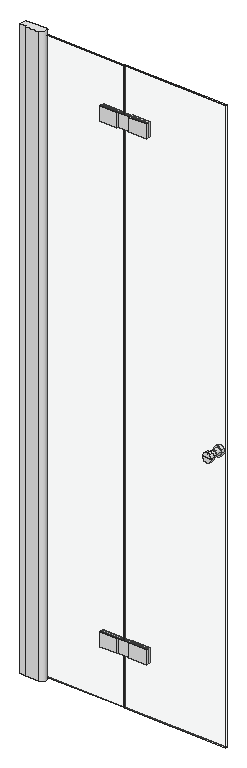
Revit family "CONV_Geberit_ShwrEnclsrs_IfoSpaceBifoldedSPNKB", category Furniture, Revit 2016
Family settings
  OmniClass Number = 23.45.05.00
  OmniClass Title = Sanitary Equipment
  Work Plane-Based = No
  Always vertical = Yes
  Cut with Voids When Loaded = No
  Shared = No
  Room Calculation Point = No
Parameters (values of type "Ifo Space Bifolded SPNKB - 700mm left")
  Weight = "24.1 kg"
  WarrantyStartDate [instance] = "n/a"
  WarrantyGuarantorParts = "n/a"
  WarrantyGuarantorLabor = "n/a"
  WarrantyDurationUnit = "Year"
  WarrantyDurationParts = "n/a"
  WarrantyDurationLabor = "n/a"
  WarrantyDescription = "n/a"
  VersionDate = "13/04/2018"  # constant formula
  Version = "1"  # constant formula
  Uniclass2015Reference = "Pr_40_20_06_79"
  Uniclass2015Description = "Shower enclosures"
  Uniclass2 = "Pr_40_30_06_79"
  URL = "https://www.ifo.se/"
  Type Comments = ""
  TagNumber [instance] = "n/a"
  SustainabilityPerformance = "n/a"
  ShowerEnclosureSecondaryMaterial = Aluminium
  ShowerEnclosureMainMaterial = Clear Glass
  Style = "n/a"
  Size = "685x34x2000mm"
  Shape = "Sculptured"
  SerialNumber [instance] = "n/a"
  Revision = "n/a"
  ReplacementCost = "n/a"
  ProductURL_SE = "http://www.ifo.se/produkter/duschar/"
  ProductURL_NO = "http://www.porsgrundbad.no/produkter/dusjlsninger/"
  ProductURL_DK = "http://www.ifo.dk/produkter/bruselsninger/"
  ProductInformation = "n/a"
  Orientation = IDOShowerama1011-left : IDOShowerama1011-left
  NominalLength = 700 mm
  NominalHeight = 2000 mm
  NominalDepth = 56 mm
  Name = "ShwrEnclsrs_IfoSpaceBifoldedSPNKB"
  NBSReference = "45-35-70/332"
  NBSDescription = "Shower enclosures"
  ModelReference = "n/a"
  ModelNumber = "59702197"
  Material = "Glass, metal"
  ManufacturerURL = "https://www.ifo.se/"
  ManufacturerName = "Ifo (Geberit Group)"
  MainColor = "Transparent"
  InstallationDate [instance] = "n/a"
  ExpiringDate = "12/2018"  # constant formula
  EANNumber = "7391515444308"
  Description = ""
  Collection = "Ifo Space"
  Model = "Ifo Space Bifolded SPNKB - 700mm left"
  Manufacturer = "Ifo (Geberit Group)"
  IfcExportType = "NOTDEFINED"  # constant formula
  IfcExportAs = "IfcFurnitureType"  # constant formula
  Grade = "n/a"
  Finish = "Matt aluminium. Clear glass."
  Features = "n/a"
  ExpectedLife = "n/a"
  DurationUnit = "Year"
  Cost = 0
  ConvergoRefNr = "0132-1802-0031-SE"
  Constituents = "n/a"
  Color = "Transparent"
  CodePerformance = "n/a"
  Category = "Shower enclosures"
  Brand = "Ifo"
  Barcode [instance] = "n/a"
  BIMObjectName = "CONV_Geberit_ShwrEnclsrs_IfoSpaceBifoldedSPNKB"
  Author = "Convergo AB"  # constant formula
  AssetType = "Fixed"
  AssetIdentifier [instance] = "n/a"
  AccessibilityPerformance = "n/a"
Types (7, lengths in mm): name | Weight | Size | Orientation | NominalLength | ModelNumber | EANNumber | Model | ConvergoRefNr
  (no name) | "24.1 kg" | "685x34x2000mm" | IDOShowerama1011-left : IDOShowerama1011-left | 700 | "59702197" | "7391515444308" | "Ifo Space Bifolded SPNKB - 700mm left" | "0132-1802-0031-SE"
  Ifo Space Bifolded SPNKB - 700mm left | "24.1 kg" | "685x34x2000mm" | IDOShowerama1011-left : IDOShowerama1011-left | 700 | "59702197" | "7391515444308" | "Ifo Space Bifolded SPNKB - 700mm left" | "0132-1802-0031-SE"
  Ifo Space Bifolded SPNKB - 800mm left | "27 kg" | "780x34x2000mm" | IDOShowerama1011-left : IDOShowerama1011-left | 800 | "59802197" | "7391515444414" | "Ifo Space Bifolded SPNKB - 800mm left" | "0132-1802-0033-SE"
  Ifo Space Bifolded SPNKB - 900mm left | "29.9 kg" | "885x34x2000mm" | IDOShowerama1011-left : IDOShowerama1011-left | 900 | "59902197" | "7391515444438" | "Ifo Space Bifolded SPNKB - 900mm left" | "0132-1802-0035-SE"
  Ifo Space Bifolded SPNKB - 700mm right | "24.1 kg" | "685x34x2000mm" | IDOShowerama1011-right : IDOShowerama1011-right | 700 | "59701197" | "7391515444407" | "Ifo Space Bifolded SPNKB - 700mm right" | "0132-1802-0032-SE"
  Ifo Space Bifolded SPNKB - 800mm right | "27 kg" | "780x34x2000mm" | IDOShowerama1011-right : IDOShowerama1011-right | 800 | "59801197" | "7391515444421" | "Ifo Space Bifolded SPNKB - 800mm right" | "0132-1802-0034-SE"
  Ifo Space Bifolded SPNKB - 900mm right | "29.9 kg" | "885x34x2000mm" | IDOShowerama1011-right : IDOShowerama1011-right | 900 | "59901197" | "7391515444445" | "Ifo Space Bifolded SPNKB - 900mm right" | "0132-1802-0036-SE"
Reference planes
  plane 1 "Center (Front/Back)": y = 0
  plane 2: z = 0
  plane 3 "Center (Left/Right)": x = 0
  plane 4: z = 2000
  plane 5: x = -350
  plane 6: x = 350
  plane 7: y = 28
  plane 8: y = -28
Dimensions and locks
  equal spacing: plane 5, plane 3 "Center (Left/Right)", plane 6
  "NominalLength": plane 5 to plane 6
  "NominalHeight": plane 4 to level
  equal spacing: plane 7, plane 1 "Center (Front/Back)", plane 8
  "NominalDepth": plane 7 to plane 8
  aligned and locked: level to plane 2
Nested families
  nested 1: "IDOShowerama1011-left" at (0, 0, 0), type <- "Orientation", ShowerEnclosureMainMaterial <- "ShowerEnclosureMainMaterial", ShowerEnclosureSecondaryMaterial <- "ShowerEnclosureSecondaryMaterial", Length <- "NominalLength", type "IDOShowerama1011-left"
    with ShowerEnclosureSecondaryMaterial Aluminium, ShowerEnclosureMainMaterial Clear Glass, Length 700 mm
Definition of nested family "IDOShowerama1011-left"
  Parameters (values of type "IDOShowerama1011-left")
    URL = ""
    Type Comments = ""
    ShowerEnclosureSecondaryMaterial [instance] = none
    ShowerEnclosureMainMaterial [instance] = none
    Length [instance] = 900 mm
    Description = ""
    Model = ""
    Manufacturer = ""
    Cost = 0
  Reference planes
    plane 1 "Center (Front/Back)": y = 0
    plane 2: z = 0
    plane 3 "Center (Left/Right)": x = 0
    plane 4: z = 2000
    plane 5: x = -450
    plane 6: x = 450
    plane 7: y = 28
    plane 8: y = -28
  Forms (mm)
    Extrusion 1, solid, material <- "ShowerEnclosureSecondaryMaterial", detail levels medium+fine
      sketch origin (38, -1, 0) x (1, 0, 0) y (0, 1, 0)
        loop
          line (-488, -12) -> (-468, -12) -> (-468, -12.934) -> (-422.879, -12.934)
          arc (-422.879, -12.934) -> (-408.945, 1) -> (-422.879, 14.934) r 13.934
          line (-422.879, 14.934) -> (-468, 14.934) -> (-468, 14) -> (-488, 14) -> (-488, -12)
      from 2000 to 0
    Extrusion 2, solid, material <- "ShowerEnclosureMainMaterial", detail levels medium+fine
      sketch origin (0, 0, 0) x (1, 0, 0) y (0, 1, 0)
        loop
          line (-377.208, 3) -> (-377.208, -3) -> (450, -3) -> (450, 3) -> (-377.208, 3)
      from 1990 to 10
    Revolve 3, solid, material <- "ShowerEnclosureSecondaryMaterial", detail levels medium+fine
      sketch origin (-33, 0, 900) x (1, 0, 0) y (0, 1, 0)
        loop
          line (438, 28) -> (423, 28) -> (423, 18) -> (428, 18) -> (428, 3) -> (438, 3) -> (438, 28)
        loop
          line (438, -28) -> (438, -3) -> (428, -3) -> (428, -18) -> (423, -18) -> (423, -28) -> (438, -28)
        axis (438, 28) -> (438, -28)
      angle from 0 to 360
    Extrusion 4, solid, material <- "ShowerEnclosureSecondaryMaterial", detail levels medium+fine
      sketch origin (-37, 0, 0) x (1, 0, 0) y (0, 1, 0)
        loop
          line (-43, 8) -> (-43, 3) -> (117, 3) -> (117, 8) -> (57, 8) -> (57, 6) -> (17, 6) -> (17, 8) -> (-43, 8)
        loop
          line (-43, -8) -> (17, -8) -> (17, -6) -> (57, -6) -> (57, -8) -> (117, -8) -> (117, -3) -> (-43, -3) -> (-43, -8)
      from 220 to 175
    Extrusion 5, solid, material <- "ShowerEnclosureSecondaryMaterial", detail levels medium+fine
      sketch origin (-37, 0, 1620) x (1, 0, 0) y (0, 1, 0)
        loop
          line (-43, 8) -> (-43, 3) -> (117, 3) -> (117, 8) -> (57, 8) -> (57, 6) -> (17, 6) -> (17, 8) -> (-43, 8)
        loop
          line (-43, -8) -> (17, -8) -> (17, -6) -> (57, -6) -> (57, -8) -> (117, -8) -> (117, -3) -> (-43, -3) -> (-43, -8)
      from 220 to 175
    Extrusion 6, void, detail levels medium+fine
      sketch origin (0, 0, 0) x (1, 0, 0) y (0, 1, 0)
        loop
          line (-2, 3) -> (-2, -3) -> (2, -3) -> (2, 3) -> (-2, 3)
      from 2301.289 to -595
    Extrusion 7, solid, material <- "ShowerEnclosureMainMaterial", detail levels coarse
      sketch origin (0, 0, 0) x (1, 0, 0) y (0, 1, 0)
        loop
          line (-450, -28) -> (450, -28) -> (450, 28) -> (-450, 28) -> (-450, -28)
      from 2000 to 0
  Cuts and joins
    Extrusion 6 cuts Extrusion 2
  Lines and regions (mm)
    symbolic lines, detail levels medium+fine
      curve 1: line (-450, 13, 0) -> (-450, -13, 0)
      curve 2: line (-430, 13, 0) -> (-450, 13, 0)
      curve 3: line (-450, -13, 0) -> (-430, -13, 0)
      curve 4: line (-430, -13, 0) -> (-430, -13.934, 0)
      curve 5: line (-430, 13.934, 0) -> (-430, 13, 0)
      curve 6: line (-384.879, 13.934, 0) -> (-430, 13.934, 0)
      curve 7: arc (-384.879, -13.934, 0) -> (-376.151, -10.862, 0) -> (-371.272, -3, 0) r 13.934
      curve 8: line (-430, -13.934, 0) -> (-384.879, -13.934, 0)
      curve 9: line (450, 3, 0) -> (415, 3, 0)
      curve 10: line (450, -3, 0) -> (450, 3, 0)
      curve 11: line (-80, 8, 0) -> (-80, 3, 0)
      curve 12: line (-20, 8, 0) -> (-80, 8, 0)
      curve 13: line (-20, 6, 0) -> (-20, 8, 0)
      curve 14: line (20, 6, 0) -> (-20, 6, 0)
      curve 15: line (20, 8, 0) -> (20, 6, 0)
      curve 18: line (80, 8, 0) -> (20, 8, 0)
      curve 19: line (80, 3, 0) -> (80, 8, 0)
      curve 20: line (80, -8, 0) -> (80, -3, 0)
      curve 21: line (20, -8, 0) -> (80, -8, 0)
      curve 22: line (20, -6, 0) -> (20, -8, 0)
      curve 23: line (-20, -6, 0) -> (20, -6, 0)
      curve 24: line (-20, -8, 0) -> (-20, -6, 0)
      curve 25: line (-80, -8, 0) -> (-20, -8, 0)
      curve 26: line (-80, -3, 0) -> (-80, -8, 0)
      curve 27: line (390, -17.999, 0) -> (395, -17.999, 0)
      curve 28: line (390, 17.999, 0) -> (395, 17.999, 0)
      curve 29: line (390, 28, 0) -> (420, 28, 0)
      curve 30: line (390, -28, 0) -> (420, -28, 0)
      curve 31: line (390, -17.999, 0) -> (390, -28, 0)
      curve 32: line (420, -17.999, 0) -> (420, -28, 0)
      curve 33: line (395, -3, 0) -> (395, -17.999, 0)
      curve 34: line (415, -3, 0) -> (415, -17.999, 0)
      curve 35: line (390, 17.999, 0) -> (390, 28, 0)
      curve 36: line (420, 17.999, 0) -> (420, 28, 0)
      curve 37: line (395, 3, 0) -> (395, 17.999, 0)
      curve 38: line (415, 3, 0) -> (415, 17.999, 0)
      curve 39: line (-370.945, 0, 2000) -> (-450, 0, 2000)
      curve 40: line (-450, 0, 2000) -> (-450, 0, 0)
      curve 42: line (-450, 0, 0) -> (-370.945, 0, 0)
      curve 43: line (-370.945, 0, 10) -> (450, 0, 10)
      curve 44: line (450, 0, 10) -> (450, 0, 1990)
      curve 59: line (450, 0, 1990) -> (-370.945, 0, 1990)
      curve 60: line (-370.945, 0, 2000) -> (-370.945, 0, 1990)
      curve 64: line (-370.945, 0, 10) -> (-370.945, 0, 0)
      curve 65: line (0, 13.934, 0) -> (0, 13.934, 890)
      curve 68: line (0, -13.934, 2000) -> (0, -13.934, 910)
      curve 69: line (0, 28, 900) -> (0, 28, 885)
      curve 71: line (0, 28, 915) -> (0, 28, 900)
      curve 72: line (0, 18, 915) -> (0, 18, 910)
      curve 73: line (0, 28, 915) -> (0, 18, 915)
      curve 74: line (0, 28, 885) -> (0, 18, 885)
      curve 75: line (0, 13.934, 890) -> (0, 18, 890)
      curve 76: line (0, 13.934, 910) -> (0, 18, 910)
      curve 77: line (0, 13.934, 0) -> (0, -13.934, 0)
      curve 78: line (0, 13.934, 2000) -> (0, -13.934, 2000)
      curve 79: line (0, -28, 900) -> (0, -28, 885)
      curve 81: line (0, -28, 915) -> (0, -28, 900)
      curve 82: line (0, -18, 915) -> (0, -18, 910)
      curve 83: line (0, -28, 915) -> (0, -18, 915)
      curve 84: line (0, -28, 885) -> (0, -18, 885)
      curve 85: line (0, -13.934, 890) -> (0, -18, 890)
      curve 86: line (0, -13.934, 910) -> (0, -18, 910)
      curve 88: line (0, 18, 890) -> (0, 18, 885)
      curve 90: line (0, 13.934, 910) -> (0, 13.934, 2000)
      curve 92: line (0, -13.934, 890) -> (0, -13.934, 0)
      curve 93: line (0, -18, 890) -> (0, -18, 885)
      curve 95: line (-371.272, -3, 0) -> (-80, -3, 0)
      curve 97: arc (-371.272, 3, 0) -> (-376.151, 10.862, 0) -> (-384.879, 13.934, 0) r 13.934
      curve 98: line (-80, 3, 0) -> (-371.272, 3, 0)
      curve 100: line (80, -3, 0) -> (395, -3, 0)
      curve 102: line (395, 3, 0) -> (80, 3, 0)
      curve 104: line (415, -3, 0) -> (450, -3, 0)
      curve 107: line (415, -17.999, 0) -> (420, -17.999, 0)
      curve 108: line (415, 17.999, 0) -> (420, 17.999, 0)
    symbolic lines, detail levels fine
      curve 16: line (-2, 3, 0) -> (-2, -3, 0)
      curve 17: line (2, -3, 0) -> (2, 3, 0)
      curve 41: line (-430, 0, 2000) -> (-430, 0, 0)
      curve 45: line (-2, 0, 1990) -> (-2, 0, 1840)
      curve 46: line (2, 0, 10) -> (2, 0, 175)
      curve 47: line (-80, 0, 220) -> (-80, 0, 175)
      curve 48: line (-80, 0, 175) -> (80, 0, 175)
      curve 49: line (-20, 0, 175) -> (-20, 0, 220)
      curve 50: line (20, 0, 220) -> (20, 0, 175)
      curve 51: line (80, 0, 220) -> (-80, 0, 220)
      curve 52: line (80, 0, 175) -> (80, 0, 220)
      curve 53: line (-80, 0, 1840) -> (-80, 0, 1795)
      curve 54: line (-80, 0, 1795) -> (80, 0, 1795)
      curve 55: line (-20, 0, 1795) -> (-20, 0, 1840)
      curve 56: line (20, 0, 1840) -> (20, 0, 1795)
      curve 57: line (80, 0, 1840) -> (-80, 0, 1840)
      curve 58: line (80, 0, 1795) -> (80, 0, 1840)
      curve 61: arc (420, 0, 900) -> (405, 0, 915) -> (390, 0, 900) r 15
      curve 62: arc (390, 0, 900) -> (405, 0, 885) -> (420, 0, 900) r 15
      curve 63: line (-370.945, 0, 1990) -> (-370.945, 0, 10)
      curve 66: line (0, 13, 0) -> (0, 13, 2000)
      curve 67: line (0, -13, 2000) -> (0, -13, 0)
      curve 70: line (0, 18, 900) -> (0, 18, 890)
      curve 80: line (0, -18, 900) -> (0, -18, 890)
      curve 87: line (0, 18, 910) -> (0, 18, 900)
      curve 89: line (0, 13.934, 890) -> (0, 13.934, 910)
      curve 91: line (0, -13.934, 910) -> (0, -13.934, 890)
      curve 94: line (0, -18, 910) -> (0, -18, 900)
      curve 96: arc (-371.272, -3, 0) -> (-370.945, 0, 0) -> (-371.272, 3, 0) r 13.934
      curve 99: line (80, 3, 0) -> (-80, 3, 0)
      curve 101: line (-80, -3, 0) -> (80, -3, 0)
      curve 103: line (415, 3, 0) -> (395, 3, 0)
      curve 105: line (395, -3, 0) -> (415, -3, 0)
      curve 106: line (395, -17.999, 0) -> (415, -17.999, 0)
      curve 109: line (395, 17.999, 0) -> (415, 17.999, 0)
      curve 110: line (-2, 0, 1795) -> (-2, 0, 220)
      curve 111: line (2, 0, 1840) -> (2, 0, 1990)
      curve 112: line (-2, 0, 175) -> (-2, 0, 10)
      curve 113: line (2, 0, 220) -> (2, 0, 1795)
  Dimensions and locks
    equal spacing: plane 5, plane 3 "Center (Left/Right)", plane 6
    "Length": plane 5 to plane 6
    plane 4 to level = 2000 mm
    equal spacing: plane 7, plane 1 "Center (Front/Back)", plane 8
    plane 7 to plane 8 = 56 mm
    aligned and locked: level to plane 2
    aligned and locked: plane 5 to Extrusion 7 sketch curve
    aligned and locked: Extrusion 7 sketch curve to plane 6
    aligned and locked: plane 4 to Extrusion 7
  Automatic sketch dimensions
    Extrusion 1 sketch curve to plane 1 "Center (Front/Back)" = 13 mm
    plane 5 to Extrusion 1 sketch curve = 0 mm
    Extrusion 1 sketch curve to plane 5 = 20 mm  (x2)
    Extrusion 1 sketch curve to plane 1 "Center (Front/Back)" = 13.934 mm
    Extrusion 1 sketch curve to plane 5 = 65.121 mm
    Extrusion 1 sketch curve to plane 1 "Center (Front/Back)" = 0 mm
    plane 1 "Center (Front/Back)" to Extrusion 1 sketch curve = 13 mm
    Extrusion 2 sketch curve to plane 5 = 72.792 mm
    plane 6 to Revolve 3 sketch curve = 60 mm  (x2)
    Revolve 3 sketch curve to Revolve 3 sketch curve = 5 mm
    Revolve 3 sketch curve to plane 1 "Center (Front/Back)" = 3 mm
    Revolve 3 sketch curve to Revolve 3 sketch curve = 0 mm  (x4)
    Revolve 3 sketch curve to Revolve 3 sketch curve = 10 mm
    plane 6 to Revolve 3 sketch curve = 45 mm
    plane 1 "Center (Front/Back)" to Revolve 3 sketch curve = 3 mm
    Revolve 3 sketch curve to Revolve 3 sketch curve = 15 mm  (x2)
    Revolve 3 sketch curve to Revolve 3 sketch curve = 10.001 mm  (x2)
    Extrusion 4 sketch curve to plane 1 "Center (Front/Back)" = 8 mm
    Extrusion 4 sketch curve to plane 3 "Center (Left/Right)" = 80 mm
    Extrusion 4 sketch curve to Extrusion 4 sketch curve = 0 mm  (x4)
    plane 1 "Center (Front/Back)" to Extrusion 4 sketch curve = 8 mm  (x2)
    Extrusion 4 sketch curve to plane 3 "Center (Left/Right)" = 20 mm
    Extrusion 4 sketch curve to plane 1 "Center (Front/Back)" = 6 mm
    Extrusion 4 sketch curve to Extrusion 4 sketch curve = 40 mm
    plane 1 "Center (Front/Back)" to Extrusion 4 sketch curve = 6 mm
    Extrusion 4 sketch curve to Extrusion 4 sketch curve = 60 mm
    plane 1 "Center (Front/Back)" to Extrusion 4 sketch curve = 3 mm
    Extrusion 4 sketch curve to plane 1 "Center (Front/Back)" = 3 mm
    Extrusion 4 sketch curve to Extrusion 4 sketch curve = 2 mm
    Extrusion 5 sketch curve to plane 1 "Center (Front/Back)" = 8 mm
    Extrusion 5 sketch curve to plane 3 "Center (Left/Right)" = 80 mm
    Extrusion 5 sketch curve to Extrusion 5 sketch curve = 0 mm  (x4)
    plane 1 "Center (Front/Back)" to Extrusion 5 sketch curve = 8 mm  (x2)
    Extrusion 5 sketch curve to plane 3 "Center (Left/Right)" = 20 mm
    Extrusion 5 sketch curve to plane 1 "Center (Front/Back)" = 6 mm
    Extrusion 5 sketch curve to Extrusion 5 sketch curve = 40 mm
    plane 1 "Center (Front/Back)" to Extrusion 5 sketch curve = 6 mm
    Extrusion 5 sketch curve to Extrusion 5 sketch curve = 60 mm
    plane 1 "Center (Front/Back)" to Extrusion 5 sketch curve = 3 mm
    Extrusion 5 sketch curve to plane 1 "Center (Front/Back)" = 3 mm
    Extrusion 5 sketch curve to Extrusion 5 sketch curve = 2 mm
    plane 1 "Center (Front/Back)" to Extrusion 2 sketch curve = 3 mm
    Extrusion 2 sketch curve to plane 6 = 0 mm
    Extrusion 2 sketch curve to plane 1 "Center (Front/Back)" = 3 mm
    Extrusion 6 sketch curve to plane 3 "Center (Left/Right)" = 2 mm
    Extrusion 6 sketch curve to Extrusion 6 sketch curve = 4 mm
    plane 1 "Center (Front/Back)" to Extrusion 6 sketch curve = 3 mm
    Extrusion 6 sketch curve to Extrusion 6 sketch curve = 6 mm
    curve 1 to plane 5 = 0 mm
    curve 10 to plane 6 = 0 mm
    curve 1 to curve 2 = 20 mm
    curve 1 to curve 3 = 20 mm
    curve 5 to curve 6 = 45.121 mm
    plane 1 "Center (Front/Back)" to curve 26 = 8 mm
    curve 26 to plane 3 "Center (Left/Right)" = 80 mm
    curve 12 to curve 26 = 0 mm
    curve 12 to plane 1 "Center (Front/Back)" = 8 mm
    curve 12 to plane 3 "Center (Left/Right)" = 20 mm
    curve 25 to curve 13 = 0 mm
    curve 15 to plane 1 "Center (Front/Back)" = 8 mm
    plane 3 "Center (Left/Right)" to curve 15 = 20 mm
    plane 1 "Center (Front/Back)" to curve 23 = 6 mm
    curve 23 to curve 14 = 0 mm
    plane 1 "Center (Front/Back)" to curve 20 = 8 mm
    curve 21 to curve 20 = 60 mm
    curve 19 to curve 20 = 0 mm
    plane 6 to curve 31 = 60 mm
    curve 35 to curve 27 = 0 mm
    curve 30 to curve 32 = 30 mm
    curve 29 to curve 29 = 30 mm
    curve 30 to curve 107 = 10.001 mm
    plane 1 "Center (Front/Back)" to curve 3 = 13 mm
    curve 10 to plane 1 "Center (Front/Back)" = 3 mm
    curve 14 to curve 15 = 2 mm
    curve 2 to plane 1 "Center (Front/Back)" = 13 mm
    curve 28 to curve 35 = 10.001 mm
    curve 16 to plane 3 "Center (Left/Right)" = 2 mm
    plane 3 "Center (Left/Right)" to curve 17 = 2 mm
    curve 27 to curve 33 = 5 mm
    curve 37 to curve 33 = 0 mm
    curve 38 to curve 36 = 5 mm
    curve 34 to curve 38 = 0 mm
    curve 68 to plane 4 = 0 mm
    curve 92 to level = 0 mm
    plane 1 "Center (Front/Back)" to curve 68 = 13.934 mm
    curve 77 to plane 1 "Center (Front/Back)" = 13.934 mm
    curve 75 to curve 74 = 4.065 mm
    level to curve 84 = 885 mm
    curve 93 to curve 74 = 0 mm
    curve 69 to curve 69 = 15 mm
    curve 70 to curve 69 = 0 mm
    curve 79 to curve 81 = 15 mm  (x2)
    curve 79 to curve 80 = 0 mm
    curve 69 to curve 71 = 15 mm
    curve 92 to curve 67 = 0.934 mm
    curve 66 to curve 65 = 0.934 mm
    curve 88 to curve 75 = 5 mm
    curve 93 to curve 85 = 5 mm
    curve 86 to curve 82 = 5 mm
    curve 76 to curve 72 = 5 mm
    curve 7 to curve 96 = 0 mm
    curve 7 to curve 97 = 0 mm  (x2)
    curve 96 to curve 97 = 0 mm
    plane 1 "Center (Front/Back)" to curve 95 = 3 mm
    curve 7 to curve 95 = 13.607 mm
    curve 7 to curve 98 = 0 mm
    curve 9 to curve 36 = 14.999 mm
    curve 70 to curve 71 = 10.001 mm
    Extrusion 7 sketch curve to plane 1 "Center (Front/Back)" = 28 mm
    curve 27 to curve 33 = 14.999 mm
    curve 80 to curve 68 = 4.066 mm
    curve 84 to curve 84 = 10.001 mm
    plane 1 "Center (Front/Back)" to Extrusion 7 sketch curve = 28 mm
    curve 39 to plane 4 = 0 mm
    plane 5 to curve 39 = 0 mm
    curve 41 to level = 0 mm
    plane 6 to curve 44 = 0 mm
    curve 39 to plane 5 = 79.055 mm
    curve 47 to plane 3 "Center (Left/Right)" = 80 mm
    curve 57 to plane 3 "Center (Left/Right)" = 80 mm
    plane 3 "Center (Left/Right)" to curve 58 = 80 mm
    plane 3 "Center (Left/Right)" to curve 51 = 80 mm
    plane 6 to curve 62 = 45 mm
    curve 42 to curve 64 = 10 mm
    level to curve 52 = 175 mm
    curve 47 to curve 47 = 45 mm
    curve 51 to curve 62 = 680 mm
    curve 54 to plane 4 = 205 mm
    curve 53 to curve 53 = 45 mm
    curve 59 to plane 4 = 10 mm
    curve 41 to plane 5 = 20 mm
    curve 55 to plane 3 "Center (Left/Right)" = 20 mm
    curve 49 to plane 3 "Center (Left/Right)" = 20 mm
    curve 45 to plane 3 "Center (Left/Right)" = 2 mm
    curve 112 to plane 3 "Center (Left/Right)" = 2 mm
    curve 110 to plane 3 "Center (Left/Right)" = 2 mm
    plane 3 "Center (Left/Right)" to curve 113 = 2 mm
    plane 3 "Center (Left/Right)" to curve 46 = 2 mm
    plane 3 "Center (Left/Right)" to curve 111 = 2 mm
    curve 111 to curve 56 = 18 mm
    curve 46 to curve 50 = 18 mm
    curve 62 to curve 61 = 15 mm
